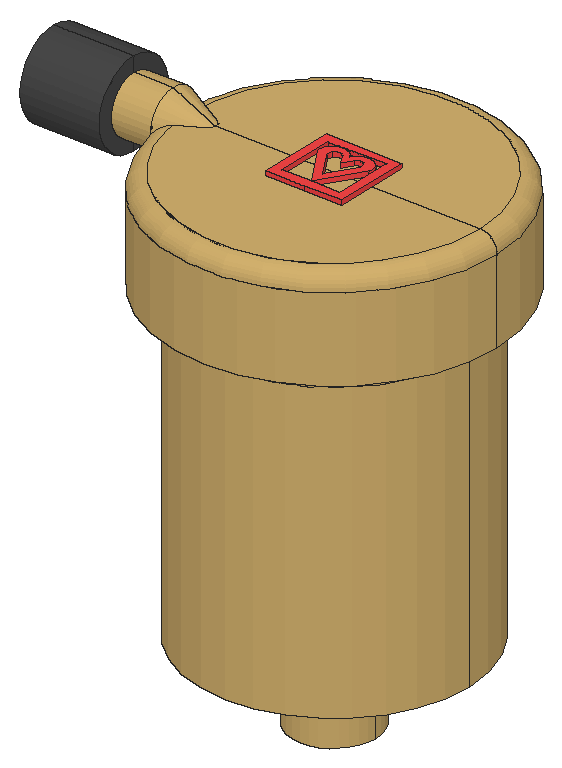
Revit family "Воздухоудалитель с функцией впуска и выпуска воздуха 2630 02", category Rohrzubehör, Revit 2019
Family settings
  Bemaßung runder Anschluss = Durchmesser verwenden
  Teiletyp = Normal
  OmniClass-Nummer = 23.65.55.14
  OmniClass-Titel = Valves for Liquid Services
  Arbeitsebenenbasiert = Nein
  Immer vertikal = Ja
  Beim Laden mit Abzugskörper schneiden = Nein
  Gemeinsam genutzt = Nein
Parameters
  Номер заказа [instance] = if(Nennweite AG = 10.000 mm, 1263002, 0)  # 1263002
  URL = "www.herz-armaturen.ru"
  Поплавок = "полипропилен"  # constant formula
  SCRNSEQ = "AWI;AWI_TYP=\"1013\";1"
  SCRNCODE = "05;14;01"  # constant formula
  S02 = 11.000 mm  # constant formula
  S01 = 24.500 mm  # constant formula
  R01 = 2.000 mm  # constant formula
  Nennweite AG [instance] = 10.000 mm  # constant formula
  Мин. рабочая температура = 0 °C  # constant formula
  Среда = "Качество  теплоносителя в соответствии с ÖNORM H5195 и/или предписаниями VDI-Standard 2035.\nРазрешается использование смеси этилен или пропиленгликоля в соотношении 25-50% с водой. Прокладки EPDM могут быть подвержены воздействию минеральных смазочных масел, что может служить причиной выхода из строя данных уплотнений. Пожалуйста, обратитесь к документации производителя, при использовании этиленгликоля и пропиленгликоля в целях защиты от замерзания."
  Макс. давление на корпусе = 1200000.0 Pa  # constant formula
  Макс. рабочая температура = 110 °C  # constant formula
  Макс. рабочее давление = 800000.0 Pa  # constant formula
  L04 = L00 - L01  # 24.000 mm
  L03 = 13.500 mm  # constant formula
  L02 = 4.800 mm  # constant formula
  L01 = 9.500 mm  # constant formula
  L00 = 33.500 mm  # constant formula
  Hersteller = "Herz-Armaturen GmbH"  # constant formula
  H05 = H00 - 1.000 mm  # 58.000 mm
  H04 = H03 - D03  # 57.900 mm
  H03 = 63.000 mm  # constant formula
  H02 = 9.500 mm  # constant formula
  H01 = 12.000 mm  # constant formula
  H00 = 59.000 mm  # constant formula
  Корпус = "штампованная латунь в соответствии с EN 12165, CW617N"  # constant formula
  G1 [instance] = Nennweite AG / 2  # 5.000 mm
  Уплотнение = "NBR"  # constant formula
  Крышка корпуса = "штампованная латунь в соответствии с EN 12165, CW617N"  # constant formula
  D05 = 0.800 mm  # constant formula
  D04 = 3.400 mm  # constant formula
  D03 = 5.100 mm  # constant formula
  D02 = 19.500 mm  # constant formula
  D01 = 16.200 mm  # constant formula
  Наружная резьба подключения = "в соответствии с ISO 228"  # constant formula
  Область применения = "Воздухоотводчик используется для удаления воздуха в системах отопления и холодоснабжения. Клапаны должны быть размещены рядом с котлом или же в самых высоких точках системы, чтобы обеспечить удаление воздуха из системы."
  Колпачок = "полипропилен, цвет черный"  # constant formula
Reference planes
  plane 1 "Mitte (Vorne/hinten)": y = 0
  plane 2: z = 0
  plane 3 "Mitte (Links/rechts)": x = 0
Forms (mm)
  Revolve 1, solid, material "Messing", detail levels fine
    sketch origin (0, 0, 0) x (1, 0, 0) y (0, 0, 1)
      loop
        line (0, 0) -> (0, 59) -> (-17.5, 59)
        arc (-17.5, 59) -> (-18.914, 58.414) -> (-19.5, 57) r 2
        line (-19.5, 57) -> (-19.5, 47) -> (-18.2, 47)
        arc (-18.2, 47) -> (-16.786, 46.414) -> (-16.2, 45) r 2
        line (-16.2, 45) -> (-16.2, 9.5) -> (-5, 9.5) -> (-5, 0) -> (0, 0)
      axis (0, 59) -> (0, 0)
    angle from 0 to 360
  Revolve 2, solid, material "Kunststoff schwarz", detail levels fine
    sketch origin (0, 0, 0) x (1, 0, 0) y (0, 0, 1)
      loop
        line (-33.5, 57.9) -> (-24, 57.9) -> (-24, 63) -> (-33.5, 63) -> (-33.5, 57.9)
      axis (-33.5, 57.9) -> (-24, 57.9)
    angle from 0 to 360
  Revolve 3, solid, material "Messing", detail levels fine
    sketch origin (0, 0, 0) x (1, 0, 0) y (0, 0, 1)
      loop
        line (-24, 57.9) -> (0, 57.9) -> (0, 58.7) -> (-13.5, 58.7) -> (-19.2, 61.3) -> (-24, 61.3) -> (-24, 57.9)
      axis (-24, 57.9) -> (0, 57.9)
    angle from 0 to 360
Lines and regions (mm)
  model lines, detail levels coarse+medium
    curve 1: line (0, 0, 59) -> (-11.455, 0, 47.545)
    curve 2: line (0, 0, 59) -> (11.455, 0, 47.545)
    curve 3: circle (0, 0, 34.5) r 11 normal (0, -1, 0)
    curve 4: line (0, 0, 10) -> (-11.455, 0, 21.455)
    curve 5: line (0, 0, 10) -> (11.455, 0, 21.455)
    curve 6: line (0, 0, 59) -> (0, 0, 45.5)
    curve 7: line (0, 0, 23.5) -> (0, 0, 0)
    curve 8: line (0, 0, 59) -> (0, -11.455, 47.545)
    curve 9: line (0, 0, 59) -> (0, 11.455, 47.545)
    curve 10: circle (0, 0, 34.5) r 11 normal (1, 0, 0)
    curve 11: line (0, 0, 10) -> (0, -11.455, 21.455)
    curve 12: line (0, 0, 10) -> (0, 11.455, 21.455)
    curve 13: line (0, 59, 0) -> (11.455, 47.545, 0)
    curve 14: line (0, 59, 0) -> (-11.455, 47.545, 0)
    curve 15: circle (0, 34.5, 0) r 11 normal (0, 0, 1)
    curve 16: line (0, 59, 0) -> (0, 45.5, 0)
    curve 17: line (0, 23.5, 0) -> (0, 0, 0)
    curve 18: line (0, 10, 0) -> (11.455, 21.455, 0)
    curve 19: line (0, 10, 0) -> (-11.455, 21.455, 0)
Dimensions and locks
  "G1": Revolve 1 sketch curve to Revolve 1 sketch curve
  "H00": Revolve 1 sketch curve to Revolve 1 sketch curve
  "D01": Revolve 1 sketch curve to Revolve 1 sketch curve
  "D02": Revolve 1 sketch curve to Revolve 1 sketch curve
  "H02": Revolve 1 sketch curve to Revolve 1 sketch curve
  "H01": Revolve 1 sketch curve to Revolve 1 sketch curve
  "D03": Revolve 2 sketch curve to Revolve 2 sketch curve
  "L01": Revolve 2 sketch curve to Revolve 2 sketch curve
  "L00": Revolve 2 sketch curve to plane 3 "Mitte (Links/rechts)"
  "D04": Revolve 3 sketch curve to Revolve 3 sketch curve
  "L02": Revolve 3 sketch curve to Revolve 3 sketch curve
  "L03": Revolve 3 sketch curve to plane 3 "Mitte (Links/rechts)"
  "L04": Revolve 3 sketch curve to plane 3 "Mitte (Links/rechts)"
  "D05": Revolve 3 sketch curve to Revolve 3 sketch curve
  "H03": Revolve 2 sketch curve to plane 2
  "H04": Revolve 3 sketch curve to plane 2
  "H05": nested 1 to plane 2
  "D01": curve 2 to curve 2
  "D01": curve 1 to curve 2
  "S01": curve 5 to curve 3 to curve 2
  "H00": curve 6 to plane 2
  "D01": curve 4 to curve 5
  "D01": curve 5 to curve 5
  "S01": curve 9 to curve 10
  "H00": curve 9 to plane 2
  "S01": curve 12 to curve 10
  "D01": curve 8 to curve 8
  "D01": curve 9 to curve 9
  "D01": curve 11 to curve 11
  "D01": curve 12 to curve 12
  "H00": curve 16 to curve 17
  "D01": curve 14 to curve 14
  "D01": curve 13 to curve 13
  "D01": curve 19 to curve 19
  "D01": curve 18 to curve 18
  "S01": curve 16 to curve 15 to curve 19
  "R01": radius of Revolve 1 sketch curve  (x2)
  "S02": radius of curve 3
  "S02": radius of curve 10
  "S02": radius of curve 15
  angle curve 1 to curve 6 = 45.00°
  angle curve 6 to curve 2 = 45.00°
  angle curve 5 to curve 7 = 45.00°
  angle curve 7 to curve 4 = 45.00°
  angle plane 1 "Mitte (Vorne/hinten)" to curve 9 = 45.00°
  angle curve 8 to plane 1 "Mitte (Vorne/hinten)" = 45.00°
  angle plane 1 "Mitte (Vorne/hinten)" to curve 11 = 45.00°
  angle curve 12 to plane 1 "Mitte (Vorne/hinten)" = 45.00°
  angle curve 16 to curve 13 = 45.00°
  angle curve 14 to curve 16 = 45.00°
  angle curve 16 to curve 19 = 45.00°
  angle curve 18 to curve 17 = 45.00°
  aligned and locked: level to plane 2
Automatic sketch dimensions
  curve 12 to plane 1 "Mitte (Vorne/hinten)" = 0.000 mm
  curve 10 to plane 1 "Mitte (Vorne/hinten)" = 0.000 mm
  curve 9 to plane 1 "Mitte (Vorne/hinten)" = 0.000 mm
  curve 2 to plane 3 "Mitte (Links/rechts)" = 0.000 mm
  curve 7 to plane 3 "Mitte (Links/rechts)" = 0.000 mm
  curve 3 to plane 3 "Mitte (Links/rechts)" = 0.000 mm
  curve 4 to plane 3 "Mitte (Links/rechts)" = 0.000 mm
  curve 14 to plane 3 "Mitte (Links/rechts)" = 0.000 mm
  curve 19 to plane 3 "Mitte (Links/rechts)" = 0.000 mm
  curve 15 to plane 3 "Mitte (Links/rechts)" = 0.000 mm
  curve 17 to plane 3 "Mitte (Links/rechts)" = 0.000 mm
  plane 1 "Mitte (Vorne/hinten)" to curve 17 = 0.000 mm
  Revolve 1 sketch curve to level = 0.000 mm
  Revolve 1 sketch curve to plane 3 "Mitte (Links/rechts)" = 0.000 mm  (x2)
  Revolve 1 sketch curve to level = 2000.000 mm
  Revolve 1 sketch curve to Revolve 1 sketch curve = 1937.000 mm
  Revolve 2 sketch curve to Revolve 2 sketch curve = 0.000 mm  (x3)
  Revolve 3 sketch curve to plane 3 "Mitte (Links/rechts)" = 0.000 mm
  Revolve 3 sketch curve to Revolve 3 sketch curve = 0.212 mm
  Revolve 3 sketch curve to plane 3 "Mitte (Links/rechts)" = 0.539 mm
  Revolve 3 sketch curve to Revolve 3 sketch curve = 0.000 mm
Nested families
  nested 1: "Herz-Logo" at (0, 0, 58), type "Herz-Logo", detail levels fine
Connectors
  piping at (0, 0, 0), diameter 10, driven by "Nennweite AG"
    settings: on Revolve 1, index 1, connector inside diameter 609.6 mm, connector length 0.000 mm, flow factor 0, pipe flow 0.0 L/s, pressure drop 0.0 Pa, fitting loss kfactor 0, connector angle 0.00°, fixture units 0, engagement length 0.000 mm, angle of deflection 0.00°, flow configuration 0, flow direction 1, fitting loss method 0, system type 29, joint type 0, gender type 0, connector reference index -1, connector utility 0, adjustable connector no, is connector primary yes, connector description ""
Definition of nested family "Herz-Logo"
  Reference planes
    plane 1 "Mitte (Vorne/hinten)": y = 0
    plane 2: z = 0
    plane 3 "Mitte (Links/rechts)": x = 0
  Forms (mm)
    Extrusion 1, solid
      sketch origin (0, 0, 0) x (1, 0, 0) y (0, 1, 0)
        loop
          line (-0.018, -4.517) -> (4.482, -4.517) -> (4.482, 4.483) -> (-4.518, 4.483) -> (-4.518, -4.517) -> (-0.018, -4.517)
        loop
          line (-0.05, -3.48) -> (3.482, -3.48) -> (3.482, 3.483) -> (-3.518, 3.483) -> (-3.518, -3.48) -> (-0.05, -3.48)
        loop
          arc (-0.018, 2.383) -> (-1.543, 3.287) -> (-3.067, 2.383) r 1.738
          arc (-3.067, 2.383) -> (-3.191, 1.899) -> (-3.067, 1.415) r 1.009
          line (-3.067, 1.415) -> (-0.018, -3.281) -> (3.032, 1.415)
          arc (3.032, 1.415) -> (3.156, 1.899) -> (3.032, 2.383) r 1.009
          arc (3.032, 2.383) -> (1.507, 3.287) -> (-0.018, 2.383) r 1.738
        loop
          arc (1.885, 1.272) -> (2.005, 1.675) -> (1.885, 2.079) r 0.74
          arc (1.885, 2.079) -> (1.265, 2.416) -> (0.644, 2.079) r 0.74
          line (0.644, 2.079) -> (-0.018, 0.97) -> (-0.679, 2.079)
          arc (-0.679, 2.079) -> (-1.3, 2.416) -> (-1.921, 2.079) r 0.74
          arc (-1.921, 2.079) -> (-2.04, 1.675) -> (-1.921, 1.272) r 0.74
          line (-1.921, 1.272) -> (-0.018, -1.658) -> (1.885, 1.272)
      from 0 to 1.5
  Dimensions and locks
    aligned and locked: level to plane 2
